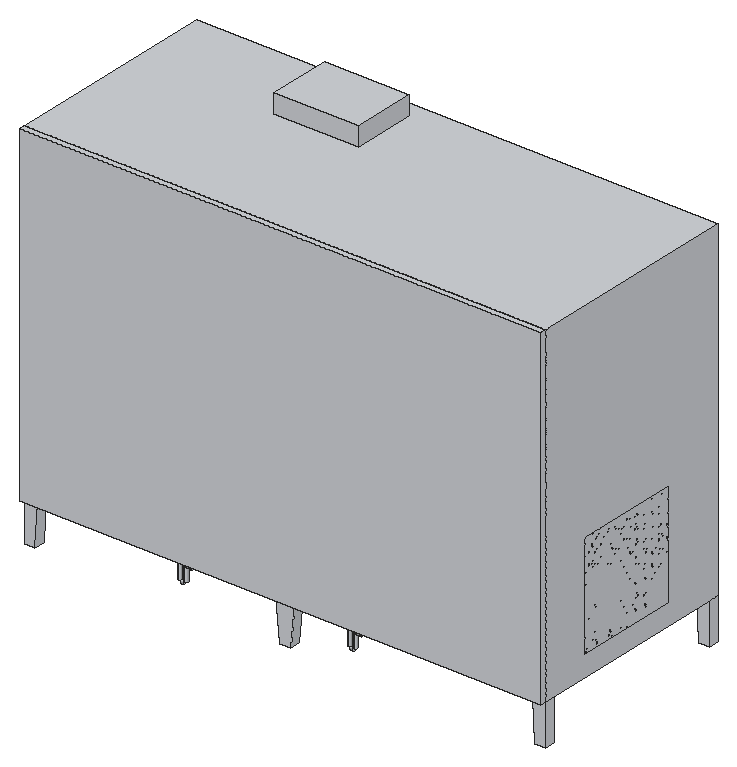
Revit family "AHU 2 _2", category Mechanické zařízení, Revit 2018
Family settings
  Kóta kulaté spojky = Použít průměr
  Typ dílu = Normální
  Číslo OmniClass = 23.75.00.00
  Nadpis OmniClass = Climate Control (HVAC)
  Založené na pracovní rovině = Ne
  Vždy vertikální = Ano
  Ořezat dutým tvarem při načtení = Ne
  Sdílené = Ne
  Bod výpočtu místnosti = Ne
Parameters (values of type "DUPLEXVENT 6500 Multi")
  Width [instance] = 1.065 mm
  Weight [instance] = 511.00 kg
  URL = ""
  Type [instance] = "DUPLEXVENT 6500 Multi"
  Total_SFP [instance] = 0
  Supply_outlet_hum [instance] = 90
  Supply_inlet_hum [instance] = 90
  Supply_ext_pressure [instance] = 0.0 Pa
  Supply_SFP [instance] = 0
  Source_adu_file [instance] = ""
  Recuperation_type [instance] = "Plate heat recovery exchanger"
  Recuperation_efficiency_EN308 [instance] = 0
  Project_name [instance] = ""
  Project_date [instance] = "9.8.2023"
  Power_supply_fusing [instance] = "0"
  Power_supply_cable [instance] = "0"
  Position [instance] = "AHU 2 "
  Phases_count [instance] = 3
  Panel_thickness [instance] = 0.06 mm
  Outer_surface [instance] = "RAL 9002"
  Length [instance] = 2.5 mm
  Insulation_type [instance] = "PUR"
  Insulation_thickness [instance] = 0.05 mm
  Installation_environment [instance] = ""
  Input_power_max [instance] = 6600 W
  Inner_surface [instance] = "Pozink"
  I2 [instance] = I1  # 0.0 L/s
  Height [instance] = 1.6 mm
  Exhaust_outlet_hum [instance] = 40
  Exhaust_inlet_hum [instance] = 40
  Exhaust_ext_pressure [instance] = 0.0 Pa
  Exhaust_SFP [instance] = 0
  E1 [instance] = E2 - M1  # 0.0 L/s
  E2 [instance] = 0.0 L/s
  I1 [instance] = 0.0 L/s
  Description = ""
  M1 [instance] = 0.0 L/s
  Device_dutypoint_version [instance] = "0"
  Device_design_version [instance] = "9"
  Device_adu_id [instance] = "2"
  Current_max [instance] = 10.8 A
  Casing_mat [instance] = "painted zinc layer"
  Cable type [instance] = "CYKY 5Jx2,5"
Reference planes
  plane 1 "Střed (vpředu/vzadu)": y = 0
  plane 2 "ref": z = 0
  plane 3 "Střed (vlevo/vpravo)": x = 0
Forms (mm)
  Sweep 1, solid
    path origin (0, 0, 0) x (0, 0, 1) y (1, 0, 0)
      loop
        line (0, 0) -> (1600, 0)
    profile origin (0, 0, 0) x (1, 0, 0) y (0, 1, 0)
      loop
        line (0, 0) -> (2500, 0) -> (2500, 1035) -> (0, 1035) -> (0, 0)
  Sweep 2, solid
    path origin (0, 0, 0) x (0, 0, 1) y (1, 0, 0)
      loop
        line (0, 0) -> (1600, 0)
    profile origin (0, 0, 0) x (1, 0, 0) y (0, 1, 0)
      loop
        line (0, 0) -> (0, -30) -> (2500, -30) -> (2500, 0) -> (0, 0)
  Sweep 3, solid
    path origin (1, 485, 350) x (0, 1, 0) y (-1, 0, 0)
      loop
        line (0, 0) -> (0, 1)
    profile origin (1, 485, 350) x (0, -1, 0) y (0, 0, 1)
      loop
        line (-250, -250) -> (250, -250) -> (250, 250) -> (-250, 250) -> (-250, -250)
  Sweep 4, solid
    path origin (2499, 530, 1190) x (1, 0, 0) y (0, 1, 0)
      loop
        line (0, 0) -> (1, 0)
    profile origin (2499, 530, 1190) x (0, 1, 0) y (0, 0, 1)
      loop
        line (-450, 355) -> (-450, -355) -> (450, -355) -> (450, 355) -> (-450, 355)
  Sweep 5, solid
    path origin (2499, 485, 350) x (1, 0, 0) y (0, 1, 0)
      loop
        line (0, 0) -> (1, 0)
    profile origin (2499, 485, 350) x (0, 1, 0) y (0, 0, 1)
      loop
        line (-250, 250) -> (-250, -250) -> (250, -250) -> (250, 250) -> (-250, 250)
  Sweep 6, solid
    path origin (1, 530, 1190) x (0, 1, 0) y (-1, 0, 0)
      loop
        line (0, 0) -> (0, 1)
    profile origin (1, 530, 1190) x (0, -1, 0) y (0, 0, 1)
      loop
        line (-450, -355) -> (450, -355) -> (450, 355) -> (-450, 355) -> (-450, -355)
  Sweep 7, solid
    path origin (1500, 75, 0) x (0, -1, 0) y (0, 0, 1)
      loop
        line (0, 0) -> (0, -142)
    profile origin (1500, 75, 0) x (-1, 0, 0) y (0, -1, 0)
      loop
        circle (0, 0) r 8
  Sweep 8, solid
    path origin (1508, 75, -150) x (0, 0, -1) y (1, 0, 0)
      loop
        line (0, 0) -> (0, 14)
    profile origin (1508, 75, -150) x (0, 0, 1) y (0, -1, 0)
      loop
        circle (0, 0) r 8
  Sweep 9, solid
    path origin (1530, 75, -142) x (0, -1, 0) y (0, 0, 1)
      loop
        line (0, 0) -> (0, 59)
    profile origin (1530, 75, -142) x (0, 1, 0) y (-1, 0, 0)
      loop
        circle (0, 0) r 8
  Sweep 10, solid
    path origin (1538, 75, -75) x (0, 0, -1) y (1, 0, 0)
      loop
        line (0, 0) -> (0, 22)
    profile origin (1538, 75, -75) x (0, 0, 1) y (0, -1, 0)
      loop
        circle (0, 0) r 8
  Sweep 11, solid
    path origin (685, 75, 0) x (0, -1, 0) y (0, 0, 1)
      loop
        line (0, 0) -> (0, -142)
    profile origin (685, 75, 0) x (-1, 0, 0) y (0, -1, 0)
      loop
        circle (0, 0) r 8
  Sweep 12, solid
    path origin (694, 75, -150) x (0, 0, -1) y (1, 0, 0)
      loop
        line (0, 0) -> (0, 14)
    profile origin (694, 75, -150) x (0, 0, 1) y (0, -1, 0)
      loop
        circle (0, 0) r 8
  Sweep 13, solid
    path origin (716, 75, -142) x (0, -1, 0) y (0, 0, 1)
      loop
        line (0, 0) -> (0, 59)
    profile origin (716, 75, -142) x (0, 1, 0) y (-1, 0, 0)
      loop
        circle (0, 0) r 8
  Sweep 14, solid
    path origin (724, 75, -75) x (0, 0, -1) y (1, 0, 0)
      loop
        line (0, 0) -> (0, 22)
    profile origin (724, 75, -75) x (0, 0, 1) y (0, -1, 0)
      loop
        circle (0, 0) r 8
  Sweep 15, solid
    path origin (0, 0, 0) x (0, 0, 1) y (1, 0, 0)
      loop
        line (0, 0) -> (1600, 0)
    profile origin (0, 0, 0) x (1, 0, 0) y (0, 1, 0)
      loop
        line (0, -30) -> (2500, -30) -> (2500, -5) -> (0, -5) -> (0, -30)
  Sweep 16, solid
    path origin (25, 50, 0) x (1, 0, 0) y (0, 1, 0)
      loop
        line (0, 0) -> (0, -50)
    profile origin (25, 50, 0) x (1, 0, 0) y (0, 0, 1)
      loop
        line (-25, 0) -> (-25, -200) -> (25, -200) -> (35, 0) -> (-25, 0)
  Sweep 17, solid
    path origin (2475, 50, 0) x (1, 0, 0) y (0, 1, 0)
      loop
        line (0, 0) -> (0, -50)
    profile origin (2475, 50, 0) x (1, 0, 0) y (0, 0, 1)
      loop
        line (-35, 0) -> (-25, -200) -> (25, -200) -> (25, 0) -> (-35, 0)
  Sweep 18, solid
    path origin (25, 1035, 0) x (1, 0, 0) y (0, 1, 0)
      loop
        line (0, 0) -> (0, -50)
    profile origin (25, 1035, 0) x (1, 0, 0) y (0, 0, 1)
      loop
        line (-25, 0) -> (-25, -200) -> (25, -200) -> (35, 0) -> (-25, 0)
  Sweep 19, solid
    path origin (2475, 1035, 0) x (1, 0, 0) y (0, 1, 0)
      loop
        line (0, 0) -> (0, -50)
    profile origin (2475, 1035, 0) x (1, 0, 0) y (0, 0, 1)
      loop
        line (-35, 0) -> (-25, -200) -> (25, -200) -> (25, 0) -> (-35, 0)
  Sweep 20, solid
    path origin (1250, 50, 0) x (1, 0, 0) y (0, 1, 0)
      loop
        line (0, 0) -> (0, -50)
    profile origin (1250, 50, 0) x (1, 0, 0) y (0, 0, 1)
      loop
        line (-45, 0) -> (-25, -200) -> (25, -200) -> (45, 0) -> (-45, 0)
  Sweep 21, solid
    path origin (1250, 1035, 0) x (1, 0, 0) y (0, 1, 0)
      loop
        line (0, 0) -> (0, -50)
    profile origin (1250, 1035, 0) x (1, 0, 0) y (0, 0, 1)
      loop
        line (-45, 0) -> (-25, -200) -> (25, -200) -> (45, 0) -> (-45, 0)
  Sweep 22, solid
    path origin (0, 0, 1600) x (0, 0, 1) y (1, 0, 0)
      loop
        line (0, 0) -> (90, 0)
    profile origin (0, 0, 1600) x (1, 0, 0) y (0, 1, 0)
      loop
        line (675, 653) -> (1080, 653) -> (1080, 958) -> (675, 958) -> (675, 653)
  Sweep 23, solid
    path origin (675, 805, 1645) x (0, 0, -1) y (1, 0, 0)
      loop
        line (0, 0) -> (0, -1)
    profile origin (675, 805, 1645) x (0, 0, -1) y (0, -1, 0)
      loop
        circle (0, 0) r 10
Lines and regions (mm)
  model lines, style "Symbol"
    curve 1: line (1025, -30, 0) -> (1025, -30, 320)
    curve 2: line (1025, -30, 1600) -> (1025, -30, 1280)
    curve 3: line (0, -30, 800) -> (545, -30, 800)
    curve 4: line (2500, -30, 800) -> (1505, -30, 800)
    curve 5: line (545, -30, 800) -> (785, -30, 1280)
    curve 6: line (785, -30, 1280) -> (1265, -30, 1280)
    curve 7: line (1265, -30, 1280) -> (1505, -30, 800)
    curve 8: line (1505, -30, 800) -> (1265, -30, 320)
    curve 9: line (1265, -30, 320) -> (1025, -30, 320)
    curve 10: line (1025, -30, 320) -> (785, -30, 320)
    curve 11: line (785, -30, 320) -> (545, -30, 800)
    curve 12: line (2148, -30, 1314) -> (2404, -30, 1270)
    curve 13: line (2148, -30, 1086) -> (2404, -30, 1130)
    curve 14: line (352, -30, 1086) -> (96, -30, 1130)
    curve 15: line (352, -30, 1314) -> (96, -30, 1270)
    curve 16: line (50, -30, 160) -> (50, -30, 640)
    curve 17: line (50, -30, 640) -> (200, -30, 640)
    curve 18: line (200, -30, 640) -> (200, -30, 160)
    curve 19: line (200, -30, 160) -> (50, -30, 160)
    curve 20: line (125, -30, 160) -> (200, -30, 400)
    curve 21: line (125, -30, 640) -> (200, -30, 400)
    curve 22: line (2450, -30, 640) -> (2450, -30, 160)
    curve 23: line (2450, -30, 160) -> (2300, -30, 160)
    curve 24: line (2300, -30, 160) -> (2300, -30, 640)
    curve 25: line (2300, -30, 640) -> (2450, -30, 640)
    curve 26: line (2375, -30, 640) -> (2300, -30, 400)
    curve 27: line (2375, -30, 160) -> (2300, -30, 400)
    curve 28: line (698, -30, 280) -> (480, -30, 708)
    curve 29: line (480, -30, 708) -> (552, -30, 744)
    curve 30: line (552, -30, 744) -> (770, -30, 316)
    curve 31: line (770, -30, 316) -> (698, -30, 280)
    curve 32: line (567, -30, 554) -> (595, -30, 641)
    curve 33: line (655, -30, 383) -> (683, -30, 470)
    curve 34: line (0, -1180, 0) -> (0, -30, 0)
    curve 35: line (2500, -1180, 0) -> (2500, -30, 0)
    curve 36: line (0, -1180, 0) -> (2500, -1180, 0)
    curve 37: line (0, -1180, 1600) -> (0, -30, 1600)
    curve 38: line (2500, -1180, 1600) -> (2500, -30, 1600)
    curve 39: line (0, -1180, 1600) -> (2500, -1180, 1600)
    curve 40: line (0, -1180, 0) -> (0, -1180, 1600)
    curve 41: line (2500, -1180, 0) -> (2500, -1180, 1600)
    curve 42: line (0, -1180, 1400) -> (200, -1180, 1600)
    curve 43: line (0, -1180, 1200) -> (400, -1180, 1600)
    curve 44: line (0, -1180, 1000) -> (600, -1180, 1600)
    curve 45: line (0, -1180, 800) -> (800, -1180, 1600)
    curve 46: line (0, -1180, 600) -> (1000, -1180, 1600)
    curve 47: line (0, -1180, 400) -> (1200, -1180, 1600)
    curve 48: line (0, -1180, 200) -> (1400, -1180, 1600)
    curve 49: line (0, -1180, 0) -> (1600, -1180, 1600)
    curve 50: line (200, -1180, 0) -> (1800, -1180, 1600)
    curve 51: line (400, -1180, 0) -> (2000, -1180, 1600)
    curve 52: line (600, -1180, 0) -> (2200, -1180, 1600)
    curve 53: line (800, -1180, 0) -> (2400, -1180, 1600)
    curve 54: line (1000, -1180, 0) -> (2500, -1180, 1500)
    curve 55: line (1200, -1180, 0) -> (2500, -1180, 1300)
    curve 56: line (1400, -1180, 0) -> (2500, -1180, 1100)
    curve 57: line (1600, -1180, 0) -> (2500, -1180, 900)
    curve 58: line (1800, -1180, 0) -> (2500, -1180, 700)
    curve 59: line (2000, -1180, 0) -> (2500, -1180, 500)
    curve 60: line (2200, -1180, 0) -> (2500, -1180, 300)
    curve 61: line (2400, -1180, 0) -> (2500, -1180, 100)
    curve 62: line (2500, -1180, 1400) -> (2500, -980, 1600)
    curve 63: line (2500, -1180, 1200) -> (2500, -780, 1600)
    curve 64: line (2500, -1180, 1000) -> (2500, -580, 1600)
    curve 65: line (2500, -1180, 800) -> (2500, -380, 1600)
    curve 66: line (2500, -1180, 600) -> (2500, -180, 1600)
    curve 67: line (2500, -1180, 400) -> (2500, -30, 1550)
    curve 68: line (2500, -1180, 200) -> (2500, -30, 1350)
    curve 69: line (2500, -1180, 0) -> (2500, -30, 1150)
    curve 70: line (2500, -980, 0) -> (2500, -30, 950)
    curve 71: line (2500, -780, 0) -> (2500, -30, 750)
    curve 72: line (2500, -580, 0) -> (2500, -30, 550)
    curve 73: line (2500, -380, 0) -> (2500, -30, 350)
    curve 74: line (2500, -180, 0) -> (2500, -30, 150)
    curve 75: line (0, -980, 1600) -> (200, -1180, 1600)
    curve 76: line (0, -780, 1600) -> (400, -1180, 1600)
    curve 77: line (0, -580, 1600) -> (600, -1180, 1600)
    curve 78: line (0, -380, 1600) -> (800, -1180, 1600)
    curve 79: line (0, -180, 1600) -> (1000, -1180, 1600)
    curve 80: line (50, -30, 1600) -> (1200, -1180, 1600)
    curve 81: line (250, -30, 1600) -> (1400, -1180, 1600)
    curve 82: line (450, -30, 1600) -> (1600, -1180, 1600)
    curve 83: line (650, -30, 1600) -> (1800, -1180, 1600)
    curve 84: line (850, -30, 1600) -> (2000, -1180, 1600)
    curve 85: line (1050, -30, 1600) -> (2200, -1180, 1600)
    curve 86: line (1250, -30, 1600) -> (2400, -1180, 1600)
    curve 87: line (1450, -30, 1600) -> (2500, -1080, 1600)
    curve 88: line (1650, -30, 1600) -> (2500, -880, 1600)
    curve 89: line (1850, -30, 1600) -> (2500, -680, 1600)
    curve 90: line (2050, -30, 1600) -> (2500, -480, 1600)
    curve 91: line (2250, -30, 1600) -> (2500, -280, 1600)
    curve 92: line (2450, -30, 1600) -> (2500, -80, 1600)
    curve 93: line (0, 0, 2320) -> (0, 0, 1600)
    curve 94: line (2500, 0, 2320) -> (2500, 0, 1600)
    curve 95: line (0, 0, 2320) -> (2500, 0, 2320)
    curve 96: line (0, 1035, 2320) -> (0, 1035, 1600)
    curve 97: line (2500, 1035, 2320) -> (2500, 1035, 1600)
    curve 98: line (0, 1035, 2320) -> (2500, 1035, 2320)
    curve 99: line (0, 0, 2320) -> (0, 1035, 2320)
    curve 100: line (2500, 0, 2320) -> (2500, 1035, 2320)
    curve 101: line (0, 835, 2320) -> (200, 1035, 2320)
    curve 102: line (0, 635, 2320) -> (400, 1035, 2320)
    curve 103: line (0, 435, 2320) -> (600, 1035, 2320)
    curve 104: line (0, 235, 2320) -> (800, 1035, 2320)
    curve 105: line (0, 35, 2320) -> (1000, 1035, 2320)
    curve 106: line (165, 0, 2320) -> (1200, 1035, 2320)
    curve 107: line (365, 0, 2320) -> (1400, 1035, 2320)
    curve 108: line (565, 0, 2320) -> (1600, 1035, 2320)
    curve 109: line (765, 0, 2320) -> (1800, 1035, 2320)
    curve 110: line (965, 0, 2320) -> (2000, 1035, 2320)
    curve 111: line (1165, 0, 2320) -> (2200, 1035, 2320)
    curve 112: line (1365, 0, 2320) -> (2400, 1035, 2320)
    curve 113: line (1565, 0, 2320) -> (2500, 935, 2320)
    curve 114: line (1765, 0, 2320) -> (2500, 735, 2320)
    curve 115: line (1965, 0, 2320) -> (2500, 535, 2320)
    curve 116: line (2165, 0, 2320) -> (2500, 335, 2320)
    curve 117: line (2365, 0, 2320) -> (2500, 135, 2320)
    curve 118: line (2500, 835, 2320) -> (2500, 1035, 2120)
    curve 119: line (2500, 635, 2320) -> (2500, 1035, 1920)
    curve 120: line (2500, 435, 2320) -> (2500, 1035, 1720)
    curve 121: line (2500, 235, 2320) -> (2500, 955, 1600)
    curve 122: line (2500, 35, 2320) -> (2500, 755, 1600)
    curve 123: line (2500, 0, 2155) -> (2500, 555, 1600)
    curve 124: line (2500, 0, 1955) -> (2500, 355, 1600)
    curve 125: line (2500, 0, 1755) -> (2500, 155, 1600)
    curve 126: line (0, 1035, 2120) -> (200, 1035, 2320)
    curve 127: line (0, 1035, 1920) -> (400, 1035, 2320)
    curve 128: line (0, 1035, 1720) -> (600, 1035, 2320)
    curve 129: line (80, 1035, 1600) -> (800, 1035, 2320)
    curve 130: line (280, 1035, 1600) -> (1000, 1035, 2320)
    curve 131: line (480, 1035, 1600) -> (1200, 1035, 2320)
    curve 132: line (680, 1035, 1600) -> (1400, 1035, 2320)
    curve 133: line (880, 1035, 1600) -> (1600, 1035, 2320)
    curve 134: line (1080, 1035, 1600) -> (1800, 1035, 2320)
    curve 135: line (1280, 1035, 1600) -> (2000, 1035, 2320)
    curve 136: line (1480, 1035, 1600) -> (2200, 1035, 2320)
    curve 137: line (1680, 1035, 1600) -> (2400, 1035, 2320)
    curve 138: line (1880, 1035, 1600) -> (2500, 1035, 2220)
    curve 139: line (2080, 1035, 1600) -> (2500, 1035, 2020)
    curve 140: line (2280, 1035, 1600) -> (2500, 1035, 1820)
    curve 141: line (2480, 1035, 1600) -> (2500, 1035, 1620)
    curve 142: line (0, 1035, -200) -> (0, 1035, 0)
    curve 143: line (2500, 1035, -200) -> (2500, 1035, 0)
    curve 144: line (0, 1035, -200) -> (2500, 1035, -200)
    curve 145: line (0, 0, -200) -> (0, 0, 0)
    curve 146: line (2500, 0, -200) -> (2500, 0, 0)
    curve 147: line (0, 0, -200) -> (2500, 0, -200)
    curve 148: line (0, 1035, -200) -> (0, 0, -200)
    curve 149: line (2500, 1035, -200) -> (2500, 0, -200)
    curve 150: line (0, 200, -200) -> (200, 0, -200)
    curve 151: line (0, 400, -200) -> (400, 0, -200)
    curve 152: line (0, 600, -200) -> (600, 0, -200)
    curve 153: line (0, 800, -200) -> (800, 0, -200)
    curve 154: line (0, 1000, -200) -> (1000, 0, -200)
    curve 155: line (165, 1035, -200) -> (1200, 0, -200)
    curve 156: line (365, 1035, -200) -> (1400, 0, -200)
    curve 157: line (565, 1035, -200) -> (1600, 0, -200)
    curve 158: line (765, 1035, -200) -> (1800, 0, -200)
    curve 159: line (965, 1035, -200) -> (2000, 0, -200)
    curve 160: line (1165, 1035, -200) -> (2200, 0, -200)
    curve 161: line (1365, 1035, -200) -> (2400, 0, -200)
    curve 162: line (1565, 1035, -200) -> (2500, 100, -200)
    curve 163: line (1765, 1035, -200) -> (2500, 300, -200)
    curve 164: line (1965, 1035, -200) -> (2500, 500, -200)
    curve 165: line (2165, 1035, -200) -> (2500, 700, -200)
    curve 166: line (2365, 1035, -200) -> (2500, 900, -200)
    curve 167: line (2500, 200, -200) -> (2500, 0, 0)
    curve 168: line (2500, 400, -200) -> (2500, 200, 0)
    curve 169: line (2500, 600, -200) -> (2500, 400, 0)
    curve 170: line (2500, 800, -200) -> (2500, 600, 0)
    curve 171: line (2500, 1000, -200) -> (2500, 800, 0)
    curve 172: line (2500, 1035, -35) -> (2500, 1000, 0)
    curve 173: line (0, 0, 0) -> (200, 0, -200)
    curve 174: line (200, 0, 0) -> (400, 0, -200)
    curve 175: line (400, 0, 0) -> (600, 0, -200)
    curve 176: line (600, 0, 0) -> (800, 0, -200)
    curve 177: line (800, 0, 0) -> (1000, 0, -200)
    curve 178: line (1000, 0, 0) -> (1200, 0, -200)
    curve 179: line (1200, 0, 0) -> (1400, 0, -200)
    curve 180: line (1400, 0, 0) -> (1600, 0, -200)
    curve 181: line (1600, 0, 0) -> (1800, 0, -200)
    curve 182: line (1800, 0, 0) -> (2000, 0, -200)
    curve 183: line (2000, 0, 0) -> (2200, 0, -200)
    curve 184: line (2200, 0, 0) -> (2400, 0, -200)
    curve 185: line (2400, 0, 0) -> (2500, 0, -100)
    curve 186: line (0, -30, 0) -> (0, -30, 1600)
    curve 187: line (0, -30, 1600) -> (1120, -30, 1600)
    curve 188: line (1120, -30, 1600) -> (1120, -30, 0)
    curve 189: line (1120, -30, 0) -> (0, -30, 0)
    curve 190: line (1380, -30, 0) -> (1380, -30, 1600)
    curve 191: line (1380, -30, 1600) -> (2500, -30, 1600)
    curve 192: line (2500, -30, 1600) -> (2500, -30, 0)
    curve 193: line (2500, -30, 0) -> (1380, -30, 0)
    curve 194: line (0, -30, 0) -> (2500, -30, 0)
    curve 195: line (0, -30, 1600) -> (2500, -30, 1600)
    curve 196: line (0, -30, 0) -> (0, -30, 1600)
    curve 197: line (2500, -30, 0) -> (2500, -30, 1600)
    curve 198: line (0, -30, 0) -> (0, -5, 0)
    curve 199: line (2500, -30, 0) -> (2500, -5, 0)
    curve 200: line (0, -30, 1600) -> (0, -5, 1600)
    curve 201: line (2500, -30, 1600) -> (2500, -5, 1600)
    curve 202: circle (2260, -30, 1200) r 160 normal (0, -1, 0)
    curve 203: circle (240, -30, 1200) r 160 normal (0, -1, 0)
    curve 204: circle (581, -30, 598) r 12 normal (0, -1, 0)
    curve 205: circle (669, -30, 426) r 12 normal (0, -1, 0)
    curve 206: circle (1500, 75, 0) r 8 normal (0, 0, -1)
    curve 207: circle (1500, 75, -142) r 8 normal (0, 0, -1)
    curve 208: circle (685, 75, 0) r 8 normal (0, 0, -1)
    curve 209: circle (685, 75, -142) r 8 normal (0, 0, -1)
Dimensions and locks
  aligned and locked: level to plane 2 "ref"
Connectors
  hvac at (0, 485, 350), driven by "E1"
    settings: on Sweep 3, index 1, duct flow 0.0 L/s, flow factor 0, pres drop 0.0 Pa, loss coef 0, conn angle 0.00°, conn width 500 mm, conn height 500 mm, conn diameter 609.6 mm, duct sys type 1, conn prof type 1, flow config 1, flow direction 1, loss method 0, conn ref index -1, conn util no, is conn primary yes, conn desc ""
  hvac at (2500, 530, 1190), driven by "E2"
    settings: on Sweep 4, index 2, duct flow 0.0 L/s, flow factor 1, pres drop 0.0 Pa, loss coef 0, conn angle 0.00°, conn width 900 mm, conn height 710 mm, conn diameter 609.6 mm, duct sys type 1, conn prof type 1, flow config 2, flow direction 2, loss method 0, conn ref index -1, conn util no, is conn primary no, conn desc ""
  hvac at (2500, 485, 350), driven by "I1"
    settings: on Sweep 5, index 3, duct flow 0.0 L/s, flow factor 1, pres drop 0.0 Pa, loss coef 0, conn angle 0.00°, conn width 500 mm, conn height 500 mm, conn diameter 609.6 mm, duct sys type 3, conn prof type 1, flow config 2, flow direction 1, loss method 0, conn ref index -1, conn util no, is conn primary no, conn desc ""
  hvac at (0, 530, 1190), driven by "I2"
    settings: on Sweep 6, index 4, duct flow 0.0 L/s, flow factor 0, pres drop 0.0 Pa, loss coef 0, conn angle 0.00°, conn width 900 mm, conn height 710 mm, conn diameter 609.6 mm, duct sys type 3, conn prof type 1, flow config 1, flow direction 2, loss method 0, conn ref index -1, conn util no, is conn primary no, conn desc ""
  piping at (1560, 75, -75), diameter 40
    settings: on Sweep 10, index 5, connector inside diameter 609.6 mm, connector length 0 mm, flow factor 0, pipe flow 0.0 L/s, pressure drop 0.0 Pa, fitting loss kfactor 0, connector angle 0.00°, fixture units 0, engagement length 0 mm, angle of deflection 0.00°, flow configuration 1, flow direction 2, fitting loss method 0, system type 16, joint type 0, gender type 0, connector reference index -1, connector utility 0, adjustable connector no, is connector primary yes, connector description ""
  piping at (746, 75, -75), diameter 40
    settings: on Sweep 14, index 6, connector inside diameter 609.6 mm, connector length 0 mm, flow factor 0, pipe flow 0.0 L/s, pressure drop 0.0 Pa, fitting loss kfactor 0, connector angle 0.00°, fixture units 0, engagement length 0 mm, angle of deflection 0.00°, flow configuration 1, flow direction 2, fitting loss method 0, system type 16, joint type 0, gender type 0, connector reference index -1, connector utility 0, adjustable connector no, is connector primary no, connector description ""
  electrical at (674, 805, 1645)
    settings: on Sweep 23, index 7, voltage 400 V, apparent load 0 VA, apparent load phase1 0 VA, apparent load phase2 0 VA, apparent load phase3 0 VA, power factor 1, load classification "Další", number of poles 3, system type 31, power factor state 1, is connector primary yes, connector utility no, sub classification motor no, connector description ""
